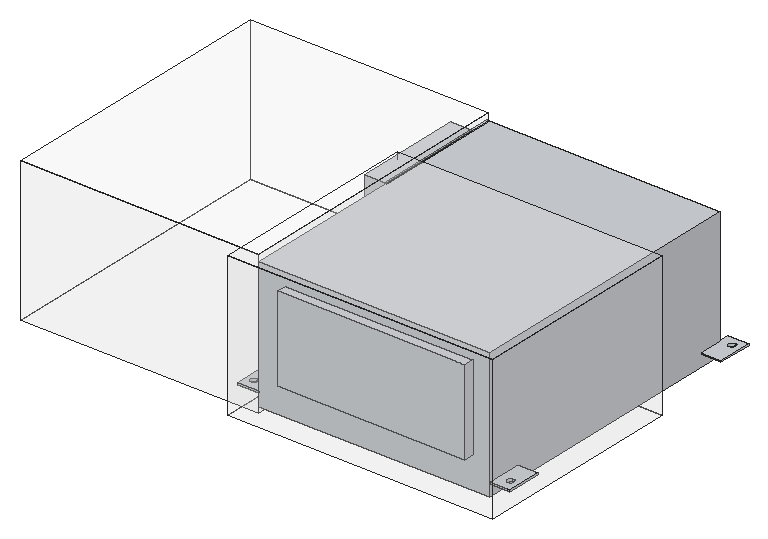
Revit family "pefy-p45_280mg9_50Hz", category 機械設備, Revit 2019
Family settings
  丸型コネクタ寸法 = 直径を使用
  パーツ タイプ = 標準
  OmniClass 番号 = 23.75.10.24.21.27.27
  OmniClass タイトル = Split System Air Conditioning Units
  作業面ベース = いいえ
  常に垂直 = はい
  ロード時にボイドで切り取り = いいえ
  共有 = いいえ
  部屋計算ポイント = はい
Parameters (values of type "PEFY-P45MG9")
  風量（弱）（m3／min） = 10
  風量（m3／min） = 14
  風量 = MAX風量  # 840.0 m³/h
  音響パワーレベル（弱）(dB) = 51
  音響パワーレベル(dB) = 57
  電源種別 = ""
  電源_H = 0 mm
  電圧_電気ヒーター = 0 V
  電圧 = 200 V
  電動機出力_送風機 = 0.08 kW
  運転質量 = 0.00 kg
  連動 = ""
  質量 = if(製品質量 > 運転質量, 製品質量, 運転質量) * 1.2  # 46.80 kg
  負荷分類 = 3_ファン類
  説明 = "ビル用マルチエアコン　天井埋込形室内機"
  設計暖房能力 = 0.00 kW
  設計冷房能力_顕熱 = 0 kW
  設計冷房能力 = 0 kW
  設置方法 = "天井吊(隠ぺい)形"
  記号 = ""
  製造元 = "三菱電機株式会社"
  製品質量 = 39.00 kg
  製品出荷対象 = "国内"
  製品リリース年月 = "2022年9月15日"
  製品グループ = ""
  系統 = ""
  符号 = "ACP_CID"
  積算_科目 = "1 空気調和設備"
  積算_拾い区分 [instance] = ""
  相_電気ヒーター = 1
  相 = 1
  盤記号 = ""
  発停方法 = "付属スイッチ"
  特殊仕様 = ""
  点検口離隔 [instance] = if(点検口離隔入力値 > 200 mm, 200 mm, if(点検口離隔入力値 < 150 mm, 150 mm, 点検口離隔入力値))  # 150 mm
  点検口離隔入力値 [instance] = 150 mm
  点検口設置範囲 = 700 mm
  点検口位置 = 200 mm
  点検口 = yes
  火災停止 = ""
  消費電力_電気ヒーター = 0.00 kW
  消費電力_暖房 = 0.17 kW
  消費電力_加湿器 = 0.00 kW
  消費電力_冷房 = 0.19 kW
  消費電力 = if(消費電力_冷房 > 消費電力_暖房, 消費電力_冷房, 消費電力_暖房) + 消費電力_加湿器 + 消費電力_電気ヒーター  # 0.19 kW
  法定耐用年数 = "15"
  機外静圧 = 100.0 Pa
  極数 = 3
  材質 = ""
  本体マテリアル = none
  有効加湿量 = 0
  暖房能力 = 5.00 kW
  推奨ブレーカー容量 = 15 A
  形式_加湿器 = ""
  形式 = "天井吊（隠ぺい）形（両ダクト形）"
  幹線記号 = ""
  始動方式 = ""
  呼称 = "室内機_天井吊(隠ぺい)形(両ダクト形)"
  周波数 = 50 Hz
  吊り幅 = if(Depth = 900 mm, 60 mm, 61 mm)  # 60 mm
  吊り位置Y = 814 mm
  吊り位置X = 754 mm
  吊りボルト_H = 41 mm  # constant formula
  台数_手元リモコン = ""
  台数_冷媒分岐ユニット = ""
  参照している仕様書等のバージョン = "公共建築工事標準仕様書（機械設備工事編）平成31年度版"
  加湿給水管径 = 0 mm
  分類コード = "50053003221070"
  分類グループ = ""
  冷房能力 = 4.5 kW
  冷媒高低圧ガス管径 = 0 mm
  冷媒管径符号 = "Ac"
  冷媒管径 = 100 mm
  冷媒液管径 = 6.35 mm
  冷媒液管_縦 = 58 mm
  冷媒液管_横 = 69 mm
  冷媒ガス管径 = 12.7 mm
  冷媒ガス管_縦 = 143 mm
  冷媒ガス管_横 = 187 mm
  企業コード = "108420"
  付属品_フィルター = ""
  付属品 = ""
  仕様書バージョン = "Version1.0"
  モデル = "PEFY-P45MG9"
  ドレン管径 = 32 mm
  ドレン管_縦 = 326.5 mm
  ドレン管_横 = 430 mm
  サービススペース = yes
  コメント [instance] = ""
  ケーブル種類 = ""
  ケーブルサイズ = 1.6 mm
  Width = 745 mm
  Version = ""
  Uniclass2015Version = "Systems v1.9"
  Uniclass2015Title = "Split coil remote air cooled condensing units"
  Uniclass2015Code = "Pr_70_65_03_84"
  URL = "https://www.mitsubishielectric.co.jp/ldg/wink/ssl/displayProduct.do?pid=317114"
  SpecificationReference = ""
  SpecificationDescription = ""
  S_H = Height + 20 mm  # 400 mm
  SAサイズ_W = 550 mm
  SAサイズ_D = 250 mm
  Revision = ""
  RAサイズ_W = 600 mm
  RAサイズ_D = 340 mm
  ProductInformation = ""
  OmniClassCode = "23-751024212727"
  MID風量 = 風量（弱）（m3／min） * 60.0 m³/h  # 600.0 m³/h
  MAX風量 = 風量（m3／min） * 60.0 m³/h  # 840.0 m³/h
  IfcTypeProduct = ""
  IfcProduct = ""
  IfcExportType = "AIRCONDITIONINGUNIT"
  IfcExportAs = "IfcUnitaryEquipmentType"
  Height = 380 mm
  Depth = 900 mm
  Clearance Top = 20 mm  # constant formula
  Clearance Right = 50 mm  # constant formula
  Clearance Left = if(Width = 745 mm, 730 mm, if(Width = 1030 mm, 1015 mm, if(Width = 1195 mm, 1180 mm, 1300 mm)))  # 730 mm
  Clearance Front = if(Depth = 900 mm, 575 mm, 650 mm)  # 575 mm
  Clearance Bottom = 20 mm  # constant formula
  Clearance Back = 50 mm  # constant formula
  Author = "三菱電機株式会社"
Types (10, lengths in mm): name | 風量（弱）（m3／min） | 風量（m3／min） | 風量 | 音響パワーレベル（弱）(dB) | 音響パワーレベル(dB) | 電動機出力_送風機 | 質量 | 製品質量 | 相 | 点検口設置範囲 | 消費電力_暖房 | 消費電力_冷房 | 消費電力 | 機外静圧 | 暖房能力 | 吊り幅 | 吊り位置Y | 吊り位置X | 冷房能力 | 冷媒管径符号 | 冷媒液管径 | 冷媒液管_縦 | 冷媒液管_横 | 冷媒ガス管径 | 冷媒ガス管_縦 | 冷媒ガス管_横 | モデル | ドレン管_縦 | ドレン管_横 | Width | URL | S_H | SAサイズ_W | SAサイズ_D | RAサイズ_W | RAサイズ_D | MID風量 | MAX風量 | Height | Depth | Clearance Left | Clearance Front
  PEFY-P45MG9 | 10 | 14 | 840.0 m³/h | 51 | 57 | 0.08 kW | 46.80 kg | 39.00 kg | 1 | 700 | 0.17 kW | 0.19 kW | 0.19 kW | 100.0 Pa | 5.00 kW | 60 | 814 | 754 | 4.5 kW | "Ac" | 6.35 | 58 | 69 | 12.7 | 143 | 187 | "PEFY-P45MG9" | 326.5 | 430 | 745 | "https://www.mitsubishielectric.co.jp/ldg/wink/ssl/displayProduct.do?pid=317114" | 400 | 550 | 250 | 600 | 340 | 600.0 m³/h | 840.0 m³/h | 380 | 900 | 730 | 575
  PEFY-P56MG9 | 10 | 14 | 840.0 m³/h | 52 | 57 | 0.08 kW | 46.80 kg | 39.00 kg | 1 | 700 | 0.17 kW | 0.19 kW | 0.19 kW | 100.0 Pa | 6.30 kW | 60 | 814 | 754 | 5.6 kW | "Ac" | 6.35 | 58 | 69 | 12.7 | 143 | 187 | "PEFY-P56MG9" | 326.5 | 430 | 745 | "https://www.mitsubishielectric.co.jp/ldg/wink/ssl/displayProduct.do?pid=317115" | 400 | 550 | 250 | 600 | 340 | 600.0 m³/h | 840.0 m³/h | 380 | 900 | 730 | 575
  PEFY-P71MG9 | 13.5 | 19 | 1140.0 m³/h | 56 | 61 | 0.10 kW | 48.00 kg | 40.00 kg | 1 | 700 | 0.22 kW | 0.24 kW | 0.24 kW | 100.0 Pa | 8.00 kW | 60 | 814 | 754 | 7.1 kW | "Bd" | 9.52 | 58 | 69 | 15.88 | 143 | 187 | "PEFY-P71MG9" | 326.5 | 430 | 745 | "https://www.mitsubishielectric.co.jp/ldg/wink/ssl/displayProduct.do?pid=317116" | 400 | 550 | 250 | 600 | 340 | 810.0 m³/h | 1140.0 m³/h | 380 | 900 | 730 | 575
  PEFY-P80MG9 | 15.5 | 22 | 1320.0 m³/h | 56 | 61 | 0.11 kW | 61.20 kg | 51.00 kg | 1 | 700 | 0.26 kW | 0.28 kW | 0.28 kW | 100.0 Pa | 9.00 kW | 60 | 814 | 1039 | 8 kW | "Bd" | 9.52 | 58 | 69 | 15.88 | 143 | 187 | "PEFY-P80MG9" | 326.5 | 430 | 1030 | "https://www.mitsubishielectric.co.jp/ldg/wink/ssl/displayProduct.do?pid=317117" | 400 | 835 | 250 | 885 | 340 | 930.0 m³/h | 1320.0 m³/h | 380 | 900 | 1015 | 575
  PEFY-P90MG9 | 18 | 25 | 1500.0 m³/h | 58 | 63 | 0.14 kW | 61.20 kg | 51.00 kg | 1 | 700 | 0.27 kW | 0.29 kW | 0.29 kW | 100.0 Pa | 10.00 kW | 60 | 814 | 1039 | 9 kW | "Bd" | 9.52 | 58 | 69 | 15.88 | 143 | 187 | "PEFY-P90MG9" | 326.5 | 430 | 1030 | "https://www.mitsubishielectric.co.jp/ldg/wink/ssl/displayProduct.do?pid=317118" | 400 | 835 | 250 | 885 | 340 | 1080.0 m³/h | 1500.0 m³/h | 380 | 900 | 1015 | 575
  PEFY-P112MG9 | 26.5 | 38 | 2280.0 m³/h | 60 | 64 | 0.20 kW | 75.60 kg | 63.00 kg | 1 | 700 | 0.47 kW | 0.49 kW | 0.49 kW | 100.0 Pa | 12.50 kW | 60 | 814 | 1204 | 11.2 kW | "Bd" | 9.52 | 58 | 69 | 15.88 | 143 | 187 | "PEFY-P112MG9" | 326.5 | 430 | 1195 | "https://www.mitsubishielectric.co.jp/ldg/wink/ssl/displayProduct.do?pid=317119" | 400 | 1000 | 250 | 1050 | 340 | 1590.0 m³/h | 2280.0 m³/h | 380 | 900 | 1180 | 575
  PEFY-P140MG9 | 26.5 | 38 | 2280.0 m³/h | 61 | 65 | 0.20 kW | 75.60 kg | 63.00 kg | 1 | 700 | 0.47 kW | 0.49 kW | 0.49 kW | 100.0 Pa | 16.00 kW | 60 | 814 | 1204 | 14 kW | "Bd" | 9.52 | 58 | 69 | 15.88 | 143 | 187 | "PEFY-P140MG9" | 326.5 | 430 | 1195 | "https://www.mitsubishielectric.co.jp/ldg/wink/ssl/displayProduct.do?pid=317120" | 400 | 1000 | 250 | 1050 | 340 | 1590.0 m³/h | 2280.0 m³/h | 380 | 900 | 1180 | 575
  PEFY-P160MG9 | 28 | 40 | 2400.0 m³/h | 62 | 65 | 0.23 kW | 78.00 kg | 65.00 kg | 1 | 700 | 0.47 kW | 0.49 kW | 0.49 kW | 100.0 Pa | 18.00 kW | 60 | 814 | 1204 | 16 kW | "Bd" | 9.52 | 58 | 69 | 15.88 | 143 | 187 | "PEFY-P160MG9" | 326.5 | 430 | 1195 | "https://www.mitsubishielectric.co.jp/ldg/wink/ssl/displayProduct.do?pid=317121" | 400 | 1000 | 250 | 1050 | 340 | 1680.0 m³/h | 2400.0 m³/h | 380 | 900 | 1180 | 575
  PEFY-P224MG9 | 0 | 58 | 3480.0 m³/h | 0 | 70 | 0.69 kW | 117.60 kg | 98.00 kg | 3 | 800 | 0.92 kW | 0.92 kW | 0.92 kW | 200.0 Pa | 25.00 kW | 61 | 1034 | 1326 | 22.4 kW | "Be" | 9.52 | 44 | 95 | 19.05 | 164 | 249 | "PEFY-P224MG9" | 327 | 489 | 1250 | "https://www.mitsubishielectric.co.jp/ldg/wink/ssl/displayProduct.do?pid=317122" | 490 | 1100 | 340 | 1100 | 420 | 0.0 m³/h | 3480.0 m³/h | 470 | 1120 | 1300 | 650
  PEFY-P280MG9 | 0 | 72 | 4320.0 m³/h | 0 | 75 | 0.87 kW | 121.20 kg | 101.00 kg | 3 | 800 | 1.10 kW | 1.10 kW | 1.10 kW | 200.0 Pa | 31.50 kW | 61 | 1034 | 1326 | 28 kW | "Bf" | 9.52 | 44 | 95 | 22.2 | 164 | 249 | "PEFY-P280MG9" | 327 | 489 | 1250 | "https://www.mitsubishielectric.co.jp/ldg/wink/ssl/displayProduct.do?pid=317123" | 490 | 1100 | 340 | 1100 | 420 | 0.0 m³/h | 4320.0 m³/h | 470 | 1120 | 1300 | 650
Reference planes
  plane 1 "中心(正面/背面)": y = -138.467
  plane 2: z = 0
  plane 3 "中心(左/右)": x = 140.396
  plane 4: z = 380
  plane 5: z = 400
  plane 6: x = 517.396
  plane 7: x = -236.604
  plane 8: y = -528.467
  plane 9: y = 285.533
  plane 10: y = -588.467
  plane 11: y = 311.533
  plane 12: x = 480.396
  plane 13: x = -264.604
  plane 14: z = -20
  plane 15: x = 540.396
  plane 16: y = -559.467
  plane 17: y = 287.533
  plane 18: y = -135.967
  plane 19: y = -362.467
  plane 20: y = 87.533
  plane 21: x = -199.604
  plane 22: x = -349.604
  plane 23: x = -899.604
  plane 24: z = 400
  plane 25: x = -249.604
  plane 26: y = -609.467
  plane 27: x = 530.396
  plane 28: y = 15.533
Dimensions and locks
  "S_H": plane 5 to level
  "吊り位置X": plane 6 to plane 7
  "吊り位置Y": plane 9 to plane 8
  equal spacing: plane 11, plane 1 "中心(正面/背面)", plane 10
  "Depth": plane 11 to plane 10
  "Width": plane 12 to plane 13
  "Clearance Bottom": level to plane 14
  locked: plane 8 to plane 10 at 60
  "吊り幅": plane 15 to plane 12
  locked: plane 15 to plane 6 at 23
  "Height": plane 4 to level
  locked: plane 11 to plane 17 at 24
  locked: plane 16 to plane 10 at 29
  locked: plane 20 to plane 19 at 450
  equal spacing: plane 17, plane 18, plane 16
  plane 21 to plane 7 = 37 mm
  "点検口離隔": plane 21 to plane 22
  "点検口設置範囲": plane 21 to plane 23
  "Clearance Top": plane 24 to plane 4
  "Clearance Back": plane 16 to plane 26
  "Clearance Right": plane 21 to plane 25
  "Clearance Front": plane 28 to plane 16
  "Clearance Left": plane 27 to plane 21
  "点検口位置": plane 17 to plane 20
  equal spacing: plane 6, plane 3 "中心(左/右)", plane 7
  equal spacing: plane 12, plane 3 "中心(左/右)", plane 21
  aligned and locked: level to plane 2
  aligned and locked: nested 3 to plane 6
  aligned and locked: nested 3 to plane 7
  aligned and locked: plane 8 to nested 3
  aligned and locked: nested 3 to plane 9
  aligned and locked: nested 4 to plane 3 "中心(左/右)"
  aligned and locked: plane 1 "中心(正面/背面)" to nested 4
  aligned and locked: plane 19 to nested 2
  aligned and locked: plane 20 to nested 2
  aligned and locked: nested 2 to plane 23
  aligned and locked: nested 2 to plane 22
  aligned and locked: plane 24 to nested 1
  aligned and locked: plane 24 to nested 5
  aligned and locked: plane 14 to nested 1
  aligned and locked: plane 14 to nested 5
  aligned and locked: nested 1 to plane 16
  aligned and locked: nested 1 to plane 17
  aligned and locked: nested 1 to plane 23
  aligned and locked: nested 1 to plane 21
  aligned and locked: nested 5 to plane 26
  aligned and locked: nested 5 to plane 28
  aligned and locked: nested 5 to plane 25
  aligned and locked: nested 5 to plane 27
Nested families
  nested 1: "サービススペース" at (-549.604, -135.967, 190) x (-1, 0, 0) z (0, 0, 1), visible <- "サービススペース", type "サービススペース"
    with Width 700 mm, Height 420 mm, Depth 847 mm
  nested 2: "点検口設置範囲" at (-624.604, -137.467, 0) x (-1, 0, 0) z (0, 0, 1), visible <- "点検口", type "点検口設置範囲"
    with Width 550 mm, Depth 450 mm
  nested 3: "固定点" at (517.396, 285.533, 0) x (-1, 0, 0) z (0, 0, 1), type "固定点"
    with W 754 mm, D 814 mm
  nested 4: "PEFY-P○○○MG7" at (312.896, -138.467, 0) x (0, -1, 0) z (0, 0, 1), type "PEFY-P○○○MG7"
    with 制御ボクス yes, ユニット表示 yes, 冷媒液配管サイズ 6.35 mm, E 550 mm, A 800 mm, 奥行き 745 mm, 冷媒ガス配管サイズ 12.7 mm, D 600 mm, B 754 mm
  nested 5: "サービススペース" at (140.396, -296.967, 190) x (-1, 0, 0) z (0, 0, 1), visible <- "サービススペース", type "サービススペース"
    with Width 780 mm, Height 420 mm, Depth 625 mm
Connectors
  hvac at (155.396, -588.467, 219), driven by "SAサイズ_D", driven by "SAサイズ_W", driven by "機外静圧", driven by "風量"
    settings: on nested 4, index 1, duct flow 840.0 m³/h, flow factor 0, pres drop 100.0 Pa, loss coef 0, conn angle 0.00°, conn width 550 mm, conn height 250 mm, conn diameter 609.6 mm, duct sys type 29, conn prof type 1, flow config 0, flow direction 2, loss method 4, conn ref index -1, conn util no, is conn primary yes, conn desc ""
  hvac at (140.396, 311.533, 186), driven by "RAサイズ_D", driven by "RAサイズ_W", driven by "機外静圧", driven by "風量"
    settings: on nested 4, index 2, duct flow 840.0 m³/h, flow factor 0, pres drop 100.0 Pa, loss coef 0, conn angle 0.00°, conn width 600 mm, conn height 340 mm, conn diameter 609.6 mm, duct sys type 29, conn prof type 1, flow config 0, flow direction 1, loss method 4, conn ref index -1, conn util no, is conn primary no, conn desc ""
  piping at (-264.604, -337.967, 172), diameter 100, driven by "冷媒管径", driven by "冷媒管径符号"
    settings: on nested 4, index 3, connector inside diameter 609.6 mm, connector length 0 mm, flow factor 0, pipe flow 0.0 L/s, pressure drop 0.0 Pa, fitting loss kfactor 0, connector angle 0.00°, fixture units 0, engagement length 0 mm, angle of deflection 0.00°, flow configuration 1, flow direction 1, fitting loss method 4, system type 7, joint type 0, gender type 0, connector reference index -1, connector utility 0, adjustable connector no, is connector primary yes, connector description "Ac"
  piping at (-209.604, -129.467, 326.5), diameter 32, driven by "ドレン管径"
    settings: on nested 4, index 4, connector inside diameter 609.6 mm, connector length 0 mm, flow factor 0, pipe flow 0.0 L/s, pressure drop 0.0 Pa, fitting loss kfactor 0, connector angle 0.00°, fixture units 0, engagement length 0 mm, angle of deflection 0.00°, flow configuration 1, flow direction 2, fitting loss method 4, system type 16, joint type 0, gender type 0, connector reference index -1, connector utility 0, adjustable connector no, is connector primary no, connector description ""
  electrical at (-209.604, 117.533, 60), driven by "極数", driven by "負荷分類", driven by "電圧", driven by "消費電力"
    settings: on nested 4, index 5, voltage 200 V, apparent load 190 VA, apparent load phase1 0 VA, apparent load phase2 0 VA, apparent load phase3 0 VA, power factor 1, load classification "3_ファン類", number of poles 3, system type 30, power factor state 1, is connector primary yes, connector utility no, sub classification motor no, connector description ""
Definition of nested family "サービススペース"
  Parameters (values of type "サービススペース")
    Width [instance] = 500 mm
    Height [instance] = 500 mm
    Depth [instance] = 500 mm
  Reference planes
    plane 1 "中心(正面/背面)": y = 0
    plane 2: z = 0
    plane 3 "中心(左/右)": x = 0
    plane 4: y = -250
    plane 5: x = 250
    plane 6: y = 250
    plane 7: x = -250
    plane 8: z = 250
    plane 9: z = -250
  Forms (mm)
    Extrusion 1, solid
      sketch origin (-638.939, 0, 72.39) x (1, 0, 0) y (0, 1, 0)
        loop
          line (388.939, 250) -> (388.939, -250) -> (888.939, -250) -> (888.939, 250) -> (388.939, 250)
      from -322.39 to 177.61
  Lines and regions (mm)
    symbolic lines
      curve 1: line (-250, 0, 250) -> (250, 0, 250)
      curve 2: line (-250, 0, -250) -> (-250, 0, 250)
      curve 3: line (250, 0, -250) -> (-250, 0, -250)
      curve 4: line (250, 0, 250) -> (250, 0, -250)
      curve 5: line (0, -250, 250) -> (0, 250, 250)
      curve 6: line (0, -250, -250) -> (0, -250, 250)
      curve 7: line (0, 250, -250) -> (0, -250, -250)
      curve 8: line (0, 250, 250) -> (0, 250, -250)
      curve 9: line (-250, 250, 0) -> (250, 250, 0)
      curve 10: line (-250, -250, 0) -> (-250, 250, 0)
      curve 11: line (250, -250, 0) -> (-250, -250, 0)
      curve 12: line (250, 250, 0) -> (250, -250, 0)
  Dimensions and locks
    equal spacing: plane 7, plane 3 "中心(左/右)", plane 5
    equal spacing: plane 4, plane 1 "中心(正面/背面)", plane 6
    "Depth": plane 4 to plane 6
    "Width": plane 7 to plane 5
    equal spacing: plane 8, plane 2, plane 9
    "Height": plane 8 to plane 9
    aligned and locked: plane 9 to curve 3
    aligned and locked: plane 7 to curve 2
    aligned and locked: curve 4 to plane 5
    aligned and locked: plane 5 to Extrusion 1
    aligned and locked: Extrusion 1 to plane 7
    aligned and locked: Extrusion 1 to plane 9
    aligned and locked: plane 8 to Extrusion 1
    aligned and locked: plane 9 to curve 7
  Automatic sketch dimensions
    plane 4 to Extrusion 1 sketch curve = 0 mm
    Extrusion 1 sketch curve to plane 7 = 0 mm
    Extrusion 1 sketch curve to plane 5 = 0 mm
    plane 6 to Extrusion 1 sketch curve = 0 mm
    curve 2 to plane 8 = 0 mm
    plane 4 to curve 11 = 0 mm
    curve 11 to plane 7 = 0 mm
    curve 11 to plane 5 = 0 mm
    plane 6 to curve 10 = 0 mm
    curve 7 to plane 4 = 0 mm
    curve 7 to plane 6 = 0 mm
    curve 6 to plane 8 = 0 mm
Definition of nested family "PEFY-P○○○MG7"
  Parameters (values of type "PEFY-P○○○MG7")
    配線取出口サイズ = 36 mm
    配線取出口-Z = 60 mm  # constant formula
    配線取出口-Y = 10 mm  # constant formula
    配線取出口-X = 50 mm  # constant formula
    制御ボクス [instance] = and(ユニット表示, 幅さ = 900 mm)  # yes
    冷媒液配管サイズ = 9.52 mm
    y = if(幅さ = 900 mm, 65 mm, 0 mm)  # 65 mm
    e = if(幅さ = 900 mm, 80 mm, 100 mm)  # 80 mm
    d = if(幅さ = 900 mm, 40 mm, 102 mm)  # 40 mm
    R2 = 250 mm
    R1 = if(幅さ = 900 mm, 94 mm, 105 mm)  # 94 mm
    L2 = 340 mm
    L1 = if(幅さ = 900 mm, 16 mm, 20 mm)  # 16 mm
    E = 1000 mm
    C = 680 mm
    A = if(奥行き = 745 mm, 800 mm, if(奥行き = 1030 mm, 1085 mm, if(奥行き = 1195 mm, 1250 mm, 1372 mm)))  # 1250 mm
    高さ = 380 mm
    奥行き = 1195 mm
    吊りボルト_H = 167 mm
    冷媒配管 = 100 mm
    冷媒液管径-Z = 58 mm
    冷媒液管径-Y = if(幅さ = 900 mm, 65 mm, 100 mm)  # 65 mm
    冷媒液管径-X = 69 mm
    冷媒ガス管径-Z = 143 mm
    冷媒ガス管径-Y = if(幅さ = 900 mm, 70 mm, 100 mm)  # 70 mm
    冷媒ガス管径-X = 187 mm
    ユニット表示 [instance] = yes
    吊りボルトピッチ = 814 mm
    ドレン配管サイズ = 32 mm
    ドレン管径-Z = 326.5 mm
    ドレン管径-Y = 10 mm  # constant formula
    ドレン管径-X = 430 mm
    冷媒ガス配管サイズ = 15.88 mm
    D = 1050 mm
    幅さ = 900 mm
    B = 1204 mm
  Reference planes
    plane 1 "中心(正面/背面)": y = -172.5
    plane 2: z = 0
    plane 3 "中心(左/右)": x = 0
    plane 4: z = 380
    plane 5: z = -20
    plane 6: x = -450
    plane 7: x = 450
    plane 8: y = -797.5
    plane 9: z = 400
    plane 10: y = 392.5
    plane 11: y = -737.5
    plane 12: x = -426
    plane 13: x = 421
    plane 14: z = 41
    plane 15: z = 36
    plane 16: y = 342.5
    plane 17: y = -657.5
    plane 18: y = 352.5
    plane 19: y = -697.5
    plane 20: y = 429.5
    plane 21: z = 356
    plane 22: z = 16
    plane 23: z = 94
    plane 24: z = 344
    plane 25: y = -802.5
    plane 26: x = -366
    plane 27: x = -306
    plane 28: z = 120
    plane 29: z = 170
    plane 30: y = -742.5
    plane 31: x = -454
    plane 32: x = 390
    plane 33: x = -424
    plane 34: x = -354
    plane 35: x = 321
    plane 36: y = 452.5
    plane 37: y = -774.5
    plane 38: y = -802.5
    plane 39: y = -747.5
    plane 40: y = -802.5
    plane 41: y = -807.5
    plane 42: x = 234
    plane 43: z = 143
    plane 44: x = 165
    plane 45: z = 201
    plane 46: x = 199.5
    plane 47: z = 172
    plane 48: x = -9
    plane 49: x = -50
    plane 50: z = 326.5
    plane 51: x = -256
    plane 52: z = 60
  Forms (mm)
    Extrusion 1, solid, visible <- "ユニット表示", detail levels fine
      sketch origin (0, 0, 0) x (1, 0, 0) y (0, 1, 0)
        loop
          line (-426, 392.5) -> (-426, -737.5) -> (421, -737.5) -> (421, 392.5) -> (-426, 392.5)
      from 0 to 380
    Extrusion 2, solid, visible <- "ユニット表示", detail levels fine
      sketch origin (0, 0, 0) x (1, 0, 0) y (0, 1, 0)
        loop
          line (-450, 352.5) -> (-450, -697.5) -> (-426, -697.5) -> (-426, 352.5) -> (-450, 352.5)
      from 16 to 356
    Extrusion 3, solid, visible <- "ユニット表示", detail levels fine
      sketch origin (0, 0, 0) x (1, 0, 0) y (0, 1, 0)
        loop
          line (450, 342.5) -> (421, 342.5) -> (421, -657.5) -> (450, -657.5) -> (450, 342.5)
      from 94 to 344
    Extrusion 4, solid, visible <- "ユニット表示", detail levels fine
      sketch origin (1480.036, -737.5, 1200) x (1, 0, 0) y (0, 0, 1)
        loop
          line (-1906.036, -820) -> (-1906.036, -1080) -> (-1786.036, -1200) -> (-1530.036, -1200) -> (-1530.036, -820) -> (-1906.036, -820)
      from 0 to 5
    Extrusion 5, solid, visible <- "制御ボクス", detail levels fine
      sketch origin (1480.036, -742.5, 1200) x (1, 0, 0) y (0, 0, 1)
        loop
          line (-1786.036, -1030) -> (-1786.036, -1184) -> (-1530.036, -1184) -> (-1530.036, -820) -> (-1846.036, -820) -> (-1846.036, -1030) -> (-1786.036, -1030)
      from 0 to 60
    Extrusion 6, solid, visible <- "ユニット表示", detail levels fine
      sketch origin (-1437.329, -1524, 36) x (-1, 0, 0) y (0, -1, 0)
        loop
          line (-1083.329, -1976.5) -> (-983.329, -1976.5) -> (-983.329, -1916.5) -> (-1083.329, -1916.5) -> (-1083.329, -1976.5)
        loop
          line (-1758.329, -1976.5) -> (-1758.329, -1916.5) -> (-1858.329, -1916.5) -> (-1858.329, -1976.5) -> (-1758.329, -1976.5)
        loop
          line (-1758.329, -726.5) -> (-1858.329, -726.5) -> (-1858.329, -786.5) -> (-1758.329, -786.5) -> (-1758.329, -726.5)
        loop
          line (-983.329, -786.5) -> (-983.329, -726.5) -> (-1083.329, -726.5) -> (-1083.329, -786.5) -> (-983.329, -786.5)
        loop
          circle (-1013.329, -1953.5) r 10
        loop
          circle (-1827.329, -1953.5) r 10
        loop
          circle (-1827.329, -749.5) r 10
        loop
          circle (-1013.329, -749.5) r 10
      from 0 to 5
    Extrusion 7, solid, visible <- "ユニット表示", detail levels fine
      sketch origin (1480.036, -737.5, 1200) x (1, 0, 0) y (0, 0, 1)
        loop
          circle (-1246.036, -1057) r 7.94
      from 0 to 70
    Extrusion 8, solid, visible <- "ユニット表示", detail levels fine
      sketch origin (1480.036, -737.5, 1200) x (1, 0, 0) y (0, 0, 1)
        loop
          circle (-1315.036, -999) r 4.76
      from 0 to 65
    Extrusion 9, solid, visible <- "ユニット表示", detail levels fine
      sketch origin (1480.036, -737.5, 1200) x (1, 0, 0) y (0, 0, 1)
        loop
          circle (-1280.536, -1028) r 50
      from 0 to 65
    Extrusion 10, solid, visible <- "ユニット表示", detail levels fine
      sketch origin (1480.036, -737.5, 1200) x (1, 0, 0) y (0, 0, 1)
        loop
          circle (-1489.036, -873.5) r 16
      from 0 to 10
    Extrusion 11, solid, visible <- "ユニット表示", detail levels fine
      sketch origin (1480.036, -737.5, 1200) x (1, 0, 0) y (0, 0, 1)
        loop
          circle (-1736.036, -1140) r 18
      from 0 to 10
  Dimensions and locks
    locked: level to plane 5 at 20
    equal spacing: plane 6, plane 3 "中心(左/右)", plane 7
    "幅さ": plane 6 to plane 7
    locked: plane 9 to plane 4 at 20
    "高さ": plane 4 to level
    locked: plane 6 to plane 12 at 24
    locked: plane 13 to plane 7 at 29
    locked: plane 14 to level at 41
    locked: plane 14 to plane 15 at 5
    "D": plane 19 to plane 18
    "E": plane 17 to plane 16
    "L1": plane 22 to level
    "R2": plane 24 to plane 23
    "R1": plane 23 to level
    "L2": plane 21 to plane 22
    "e": plane 11 to plane 17
    "d": plane 11 to plane 19
    "奥行き": plane 25 to plane 10
    plane 12 to plane 26 to plane 27 = 60 mm locked, 60 mm locked
    locked: plane 28 to level at 120
    locked: plane 29 to plane 28 at 50
    locked: plane 30 to plane 11 at 5
    locked: plane 31 to plane 6 at 4
    locked: plane 32 to plane 7 at 60
    "吊りボルトピッチ": plane 33 to plane 32
    locked: plane 31 to plane 34 at 100
    locked: plane 35 to plane 13 at 100
    "y": plane 25 to plane 11
    "B": plane 37 to plane 20
    plane 8 to plane 37 = 23 mm
    locked: plane 38 to plane 30 at 60
    "ドレン管径-Y": plane 39 to plane 11
    "冷媒液管径-Y": plane 40 to plane 11
    "冷媒ガス管径-Y": plane 41 to plane 11
    "冷媒ガス管径-Z": plane 43 to level
    "冷媒ガス管径-X": plane 42 to plane 13
    "冷媒液管径-X": plane 44 to plane 42
    "冷媒液管径-Z": plane 45 to plane 43
    equal spacing: plane 45, plane 47, plane 43
    equal spacing: plane 44, plane 46, plane 42
    "ドレン管径-X": plane 48 to plane 13
    locked: plane 49 to plane 3 "中心(左/右)" at 50
    "ドレン管径-Z": plane 50 to level
    locked: plane 27 to plane 51 at 50
    "配線取出口-Z": plane 52 to level
    "A": plane 8 to plane 36
    equal spacing: plane 11, plane 1 "中心(正面/背面)", plane 10
    equal spacing: plane 8, plane 1 "中心(正面/背面)", plane 36
    equal spacing: plane 37, plane 1 "中心(正面/背面)", plane 20
    diameter of Extrusion 6 sketch curve = 20 mm  (x4)
    "冷媒ガス配管サイズ": diameter of Extrusion 7 sketch curve
    "冷媒液配管サイズ": diameter of Extrusion 8 sketch curve
    "冷媒配管": diameter of Extrusion 9 sketch curve
    "ドレン配管サイズ": diameter of Extrusion 10 sketch curve
    "配線取出口サイズ": diameter of Extrusion 11 sketch curve
    aligned and locked: level to plane 2
    aligned and locked: plane 10 to Extrusion 1 sketch curve
    aligned and locked: plane 12 to Extrusion 1 sketch curve
    aligned and locked: Extrusion 1 sketch curve to plane 11
    aligned and locked: Extrusion 1 sketch curve to plane 13
    aligned and locked: Extrusion 1 to level
    aligned and locked: plane 4 to Extrusion 1
    aligned and locked: plane 18 to Extrusion 2 sketch curve
    aligned and locked: Extrusion 2 sketch curve to plane 19
    aligned and locked: Extrusion 2 sketch curve to plane 12
    aligned and locked: plane 6 to Extrusion 2 sketch curve
    aligned and locked: Extrusion 2 to plane 22
    aligned and locked: plane 21 to Extrusion 2
    aligned and locked: Extrusion 3 sketch curve to plane 16
    aligned and locked: plane 17 to Extrusion 3 sketch curve
    aligned and locked: Extrusion 3 sketch curve to plane 13
    aligned and locked: plane 7 to Extrusion 3 sketch curve
    aligned and locked: Extrusion 3 to plane 23
    aligned and locked: plane 24 to Extrusion 3
    aligned and locked: Extrusion 4 sketch curve to plane 4
    aligned and locked: Extrusion 4 sketch curve to plane 12
    aligned and locked: Extrusion 4 sketch curve to level
    aligned and locked: Extrusion 4 to plane 11
    aligned and locked: plane 30 to Extrusion 4
    aligned and locked: Extrusion 5 sketch curve to plane 27
    aligned and locked: Extrusion 5 sketch curve to plane 29
    aligned and locked: Extrusion 5 sketch curve to plane 26
    aligned and locked: Extrusion 5 sketch curve to plane 4
    aligned and locked: Extrusion 5 sketch curve to plane 22
    aligned and locked: Extrusion 5 to plane 30
    aligned and locked: Extrusion 6 sketch curve to plane 36
    aligned and locked: plane 34 to Extrusion 6 sketch curve
    aligned and locked: plane 10 to Extrusion 6 sketch curve
    aligned and locked: Extrusion 6 sketch curve to plane 31
    aligned and locked: plane 36 to Extrusion 6 sketch curve
    aligned and locked: plane 35 to Extrusion 6 sketch curve
    aligned and locked: Extrusion 6 sketch curve to Extrusion 1  (x4)
    aligned and locked: plane 8 to Extrusion 6 sketch curve
    aligned and locked: Extrusion 6 sketch curve to plane 35
    aligned and locked: plane 11 to Extrusion 6 sketch curve
    aligned and locked: plane 31 to Extrusion 6 sketch curve
    aligned and locked: Extrusion 6 sketch curve to plane 8
    aligned and locked: Extrusion 6 sketch curve to plane 34
    aligned and locked: plane 37 to Extrusion 6 sketch curve  (x2)
    aligned and locked: plane 33 to Extrusion 6 sketch curve  (x2)
    aligned and locked: plane 32 to Extrusion 6 sketch curve  (x2)
    aligned and locked: plane 20 to Extrusion 6 sketch curve  (x2)
    aligned and locked: Extrusion 6 to plane 15
    aligned and locked: plane 14 to Extrusion 6
    aligned and locked: plane 38 to Extrusion 5
    aligned and locked: plane 43 to Extrusion 7 sketch curve
    aligned and locked: plane 42 to Extrusion 7 sketch curve
    aligned and locked: Extrusion 7 to plane 11
    aligned and locked: plane 41 to Extrusion 7
    aligned and locked: plane 45 to Extrusion 8 sketch curve
    aligned and locked: plane 44 to Extrusion 8 sketch curve
    aligned and locked: Extrusion 8 to plane 11
    aligned and locked: plane 40 to Extrusion 8
    aligned and locked: Extrusion 9 to plane 11
    aligned and locked: plane 40 to Extrusion 9
    aligned and locked: Extrusion 5 sketch curve to plane 49
    aligned and locked: Extrusion 4 sketch curve to plane 49
    aligned and locked: plane 50 to Extrusion 10 sketch curve
    aligned and locked: plane 48 to Extrusion 10 sketch curve
    aligned and locked: Extrusion 10 to plane 11
    aligned and locked: plane 39 to Extrusion 10
    aligned and locked: plane 52 to Extrusion 11 sketch curve
    aligned and locked: plane 51 to Extrusion 11 sketch curve
    aligned and locked: Extrusion 11 to plane 11
    aligned and locked: plane 39 to Extrusion 11
    aligned and locked: plane 47 to Extrusion 9 sketch curve
    aligned and locked: plane 46 to Extrusion 9 sketch curve
  Automatic sketch dimensions
    Extrusion 4 sketch curve to plane 27 = 0 mm
    Extrusion 4 sketch curve to plane 28 = 0 mm
Definition of nested family "点検口設置範囲"
  Parameters (values of type "点検口設置範囲")
    Width [instance] = 1000 mm
    Depth [instance] = 700 mm
  Reference planes
    plane 1 "中心(正面/背面)": y = 0
    plane 2: z = 0
    plane 3 "中心(左/右)": x = 0
    plane 4: x = -500
    plane 5: x = 500
    plane 6: y = -350
    plane 7: y = 350
  Lines and regions (mm)
    model lines
      curve 1: line (-500, 350, 0) -> (500, 350, 0)
      curve 2: line (-500, -350, 0) -> (-500, 350, 0)
      curve 3: line (500, -350, 0) -> (-500, -350, 0)
      curve 4: line (500, 350, 0) -> (500, -350, 0)
  Dimensions and locks
    "Depth": plane 7 to plane 6
    "Width": plane 4 to plane 5
    equal spacing: plane 7, plane 1 "中心(正面/背面)", plane 6
    equal spacing: plane 4, plane 3 "中心(左/右)", plane 5
    aligned and locked: level to plane 2
    aligned and locked: plane 4 to curve 2
    aligned and locked: curve 1 to plane 7
    aligned and locked: curve 4 to plane 5
    aligned and locked: plane 6 to curve 3
Definition of nested family "固定点"
  Parameters (values of type "固定点")
    中心円 = 20 mm
    W [instance] = 1000 mm
    D [instance] = 1000 mm
  Reference planes
    plane 1 "中心(正面/背面)": y = 0
    plane 2: z = 0
    plane 3 "中心(左/右)": x = 0
    plane 4: x = 1000
    plane 5: y = 1000
  Lines and regions (mm)
    symbolic lines, detail levels fine
      curve 1: circle (0, 1000, 0) r 10 normal (0, 0, 1)
      curve 2: circle (0, 0, 0) r 10 normal (0, 0, 1)
      curve 3: circle (1000, 1000, 0) r 10 normal (0, 0, 1)
      curve 4: circle (1000, 0, 0) r 10 normal (0, 0, 1)
      curve 5: line (-200, 1000, 0) -> (1200, 1000, 0)
      curve 6: line (-200, 0, 0) -> (1200, 0, 0)
      curve 7: line (0, 1200, 0) -> (0, -200, 0)
      curve 8: line (1000, 1200, 0) -> (1000, -200, 0)
  Dimensions and locks
    "W": plane 3 "中心(左/右)" to plane 4
    "D": plane 1 "中心(正面/背面)" to plane 5
    "中心円": diameter of curve 1
    "中心円": diameter of curve 2
    "中心円": diameter of curve 3
    "中心円": diameter of curve 4
    aligned and locked: level to plane 2
    aligned and locked: plane 5 to curve 1
    aligned and locked: plane 3 "中心(左/右)" to curve 1
    aligned and locked: plane 3 "中心(左/右)" to curve 2
    aligned and locked: plane 1 "中心(正面/背面)" to curve 2
    aligned and locked: plane 4 to curve 3
    aligned and locked: plane 5 to curve 3
    aligned and locked: plane 1 "中心(正面/背面)" to curve 4
    aligned and locked: plane 4 to curve 4
    aligned and locked: plane 1 "中心(正面/背面)" to curve 6
    aligned and locked: curve 7 to plane 3 "中心(左/右)"
    aligned and locked: curve 8 to plane 4
  Automatic sketch dimensions
    curve 5 to plane 5 = 0 mm
    curve 6 to plane 3 "中心(左/右)" = 200 mm
    curve 5 to plane 3 "中心(左/右)" = 200 mm
    curve 4 to curve 6 = 200 mm
    curve 3 to curve 5 = 200 mm
    plane 1 "中心(正面/背面)" to curve 8 = 200 mm
    plane 1 "中心(正面/背面)" to curve 7 = 200 mm
    curve 3 to curve 8 = 200 mm
    curve 1 to curve 7 = 200 mm
